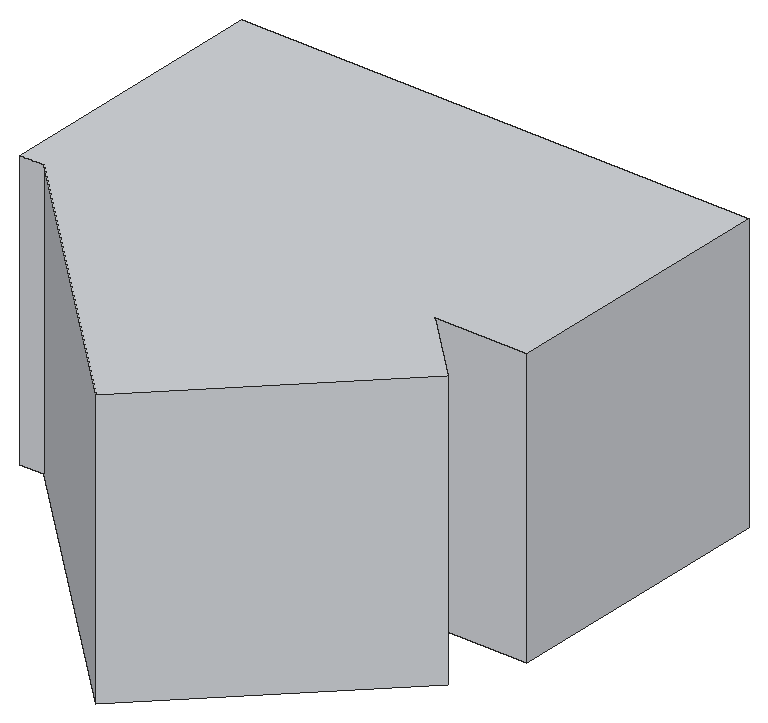
Revit family "M_Y retangular - Lateral", category Conexões de duto, Revit 2019
Family settings
  Cota do conector redondo = Utilizar diâmetro
  Tipo de parte = Ipsílon
  Número OmniClass = 23.75.70.14
  Título OmniClass = Air Ductwork
  ID de item do Seek = Rectangular Wye - Lateral-0000-CAN-ENU
  Com base no plano de trabalho = Não
  Sempre na vertical = Sim
  Corte com vazios quando carregada = Não
  Compartilhado = Não
Parameters (values of type "Padrão")
  l6 [instance] = 0.794 mm  # constant formula
  l5 [instance] = 0.794 mm  # constant formula
  l4 [instance] = abs(h0 * cos(Ângulo))  # 300 mm
  Comprimento do duto 1 [instance] = C1 + C2 + h0  # 549.264 mm
  l2 [instance] = if(Ângulo = 90.00°, Comprimento do duto 1 / 2 - 25 mm, if(Ângulo < 90.00°, (Largura do duto 3 / 2) * sin(Ângulo), C2 + h0 - l1 * cos(Ângulo) - C1 - (Largura do duto 3 / 2) * sin(Ângulo)))  # 106.066 mm
  l1 [instance] = h2 / sin(Ângulo)  # 62.132 mm
  l0 [instance] = if(Ângulo = 90.00°, 0 mm, if(Ângulo < 90.00°, l1 * cos(Ângulo), 0 mm))  # 43.934 mm
  h2 [instance] = Largura do duto 1 / 2 - h1  # 43.934 mm
  h1 [instance] = abs(Largura do duto 3 * cos(Ângulo) / 2)  # 106.066 mm
  h0 [instance] = Largura do duto 3 / sin(Ângulo)  # 424.264 mm
  Largura do duto 3 [instance] = 300 mm
  Largura do duto 1 [instance] = 300 mm
  Comprimento do duto 3 [instance] = l4 + C3 + l1  # 462.132 mm
  Altura do duto [instance] = 300 mm
  Comprimento do duto 12 [instance] = if(Ângulo = 90.00°, Comprimento do duto 1 / 2, if(Ângulo < 90.00°, C1 + l2, C2 + h0 - (Largura do duto 3 / 2) * sin(Ângulo)))  # 131.066 mm
  Comprimento do duto 11 [instance] = l4 + C3  # 400 mm
  C3 [instance] = 100 mm
  C2 [instance] = 100 mm
  C1 [instance] = 25 mm
  Assembly Code = ""
  Ângulo [instance] = 45.00°
Reference planes
  plane 1 "Centro (Frente/Trás)": y = 0
  plane 2: z = 0
  plane 3 "Centro (Esquerda/Direita)": x = 0
  plane 4: y = -43.934
  plane 5: x = 43.934
  plane 6: x = -62.132
  plane 7: x = -87.132
  plane 8: x = 462.132
  plane 9: x = 43.934
Forms (mm)
  Sweep 1, solid, detail levels medium+fine
    path in 3D
      loop
        line (-87.132, 0, 0) -> (462.132, 0, 0)
    profile "M_Duto - Retangular : Duto - Retangular 1" origin (187.5, 0, 0) x (0, 1, 0) y (0, 0, 1)
      loop
        line (-150, 150) -> (-150, -150) -> (150, -150) -> (150, 150) -> (-150, 150)
  Sweep 2, solid, detail levels medium+fine
    path in 3D
      loop
        line (43.934, -43.934, 0) -> (326.777, -326.777, 0)
    profile "M_Duto - Retangular : Duto - Retangular 3" origin (185.355, -185.355, 0) x (0.707107, 0.707107, 0) y (0, 0, 1)
      loop
        line (-150, 150) -> (-150, -150) -> (150, -150) -> (150, 150) -> (-150, 150)
Cuts and joins
  joined: Sweep 1, Sweep 2
Lines and regions (mm)
  model lines, detail levels coarse
    curve 1: line (-87.132, 0, 0) -> (462.132, 0, 0)
    curve 2: line (0, 0, 0) -> (326.777, -326.777, 0)
  sketch lines
    curve 3: line (-87.132, 0, 0) -> (462.132, 0, 0)
    curve 5: line (43.934, -43.934, 0) -> (326.777, -326.777, 0)
  reference lines
    curve 4: line (43.934, -43.934, 0) -> (326.777, -326.777, 0)
    curve 6: line (43.934, -43.934, 0) -> (43.373, -43.373, 0)
    curve 7: line (462.132, 0, 0) -> (462.926, 0, 0)
Dimensions and locks
  "h2": plane 4 to plane 1 "Centro (Frente/Trás)"
  "l0": plane 3 "Centro (Esquerda/Direita)" to plane 5
  "l2": plane 6 to plane 5
  "C1": plane 7 to plane 6
  "Comprimento do duto 1": plane 7 to plane 8
  "Comprimento do duto 3": curve 2 to curve 2
  "Comprimento do duto 11": curve 4 to curve 4
  "Comprimento do duto 12": plane 7 to plane 9
  "l5": curve 6 to curve 6
  "l6": plane 8 to curve 7
  "Ângulo": angle curve 2 to curve 1
  "Ângulo": angle curve 4 to plane 4
  locked: curve 4 to curve 6 (angle 180.00°)
  aligned and locked: plane 1 "Centro (Frente/Trás)" to curve 1
  aligned and locked: plane 8 to curve 1
  aligned and locked: plane 7 to curve 1
  aligned and locked: plane 1 "Centro (Frente/Trás)" to curve 2
  aligned and locked: plane 3 "Centro (Esquerda/Direita)" to curve 2
  aligned and locked: plane 9 to curve 6
  aligned and locked: plane 4 to curve 6
  aligned and locked: plane 1 "Centro (Frente/Trás)" to curve 7
  aligned and locked: plane 8 to curve 7
Connectors
  hvac at (-87.132, 0, 0), driven by "Altura do duto", driven by "Largura do duto 1"
    settings: on Sweep 1, index 1, duct flow 0.0 L/s, flow factor 0, pres drop 0.0 Pa, loss coef 0, conn angle 0.00°, conn width 300 mm, conn height 300 mm, conn diameter 609.6 mm, duct sys type 28, conn prof type 1, flow config 0, flow direction 0, loss method 0, conn ref index 2, conn util no, is conn primary yes, conn desc ""
  hvac at (462.132, 0, 0), driven by "Altura do duto", driven by "Largura do duto 1"
    settings: on Sweep 1, index 2, duct flow 0.0 L/s, flow factor 0, pres drop 0.0 Pa, loss coef 0, conn angle 0.00°, conn width 300 mm, conn height 300 mm, conn diameter 609.6 mm, duct sys type 28, conn prof type 1, flow config 0, flow direction 0, loss method 0, conn ref index 1, conn util no, is conn primary no, conn desc ""
  hvac at (326.777, -326.777, 0), driven by "Altura do duto", driven by "Largura do duto 3", driven by "Ângulo"
    settings: on Sweep 2, index 3, duct flow 0.0 L/s, flow factor 0, pres drop 0.0 Pa, loss coef 0, conn angle 45.00°, conn width 300 mm, conn height 300 mm, conn diameter 609.6 mm, duct sys type 28, conn prof type 1, flow config 0, flow direction 0, loss method 0, conn ref index -1, conn util no, is conn primary no, conn desc ""
